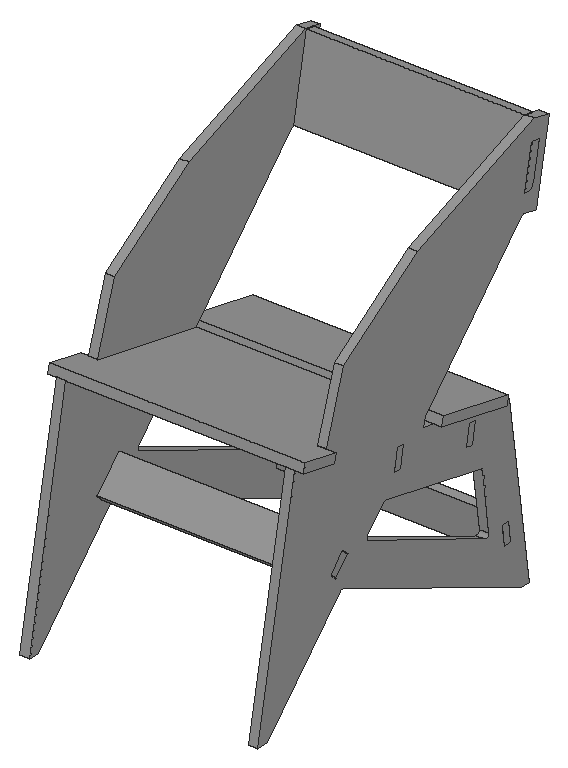
Revit family "216d26f264204e72b41e6d70a2031aba", category Furniture, Revit 2025
Family settings
  OmniClass Number = 23.40.20.14.14.11
  OmniClass Title = Chairs
  Work Plane-Based = No
  Enable Cutting in Views = No
  Always vertical = Yes
  Cut with Voids When Loaded = No
  Render Appearance Source = Family Geometry
  Shared = Yes
  Room Calculation Point = No
Parameters
  Material = Plywood, Finish
  Fusion 360 Link = "http://help.autodesk.com/view/RVT/2019/ENU/?contextId=oonyu_chair"
  Description = "Design by Jeremie Oonyu, African Design Center, 2016.  Permission granted for use under Creative Commons Attribution Only (CC BY)"
  Default Elevation = 0 mm
Reference planes
  plane 1 "Center Front/Back": y = -0.527
  plane 2: z = 0
  plane 3 "Center Left/Right": x = 0
  plane 4 "Left": x = -241.3
  plane 5 "Right": x = 241.3
Forms (mm)
  Extrusion 1, solid, material "Plywood, Finish" <- "Material"
    sketch origin (225, 0, 0.98) x (0, -1, 0) y (0, 0, 1)
      loop
        line (-302.21, 743.759) -> (-319.336, 740.35) -> (-303.529, 660.947) -> (-286.402, 664.356) -> (-302.21, 743.759)
      loop
        line (-49.356, 388.659) -> (-45.984, 371.72) -> (-119.541, 357.076) -> (-121.564, 367.24) -> (-180.409, 355.525) -> (-178.386, 345.361) -> (-248.749, 331.353) -> (-296.225, -0.98) -> (-278.658, -0.98) -> (143.327, 181.276)
        arc (143.327, 181.276) -> (147.106, 181.67) -> (150.433, 179.836) r 6.35
        line (150.433, 179.836) -> (323.427, -0.98) -> (343.427, -0.98) -> (257.213, 432.081) -> (237.598, 428.176) -> (235.574, 438.339) -> (206.152, 432.482) -> (208.175, 422.318) -> (184.533, 417.611) -> (181.161, 434.551) -> (140.93, 557.712) -> (-34.548, 674.332) -> (-309.548, 779.645) -> (-342.373, 773.11) -> (-312.45, 622.805) -> (-283.044, 628.659)
        arc (-283.044, 628.659) -> (-279.894, 628.487) -> (-277.216, 626.821) r 6.35
        line (-277.216, 626.821) -> (-49.356, 388.659)
      loop
        line (-231.523, 124.355) -> (-248.81, 126.825) -> (-254.604, 86.266) -> (-237.317, 83.797) -> (-231.523, 124.355)
      loop
        line (-154.649, 332.243) -> (-171.776, 328.833) -> (-163.778, 288.661) -> (-146.652, 292.07) -> (-154.649, 332.243)
      loop
        line (15.441, 366.105) -> (-1.498, 362.732) -> (6.499, 322.56) -> (23.439, 325.932) -> (15.441, 366.105)
      loop
        line (144.731, 247.22) -> (132.113, 235.148) -> (160.255, 205.734) -> (172.873, 217.806) -> (144.731, 247.22)
      loop
        line (43.322, 287.536) -> (-181.352, 242.808)
        arc (-181.352, 242.808) -> (-184.723, 240.946) -> (-186.398, 237.478) r 6.35
        line (-186.398, 237.478) -> (-202.595, 124.098)
        arc (-202.595, 124.098) -> (-200.165, 118.154) -> (-193.791, 117.37) r 6.35
        line (-193.791, 117.37) -> (83.689, 237.214)
        arc (83.689, 237.214) -> (87.395, 241.783) -> (85.76, 247.434) r 6.35
        line (85.76, 247.434) -> (49.15, 285.698)
        arc (49.15, 285.698) -> (46.472, 287.365) -> (43.322, 287.536) r 6.35
    from 0 to 17.462
  Extrusion 2, solid, material "Plywood, Finish" <- "Material"
    sketch origin (-207.537, 0, 0.98) x (0, -1, 0) y (0, 0, 1)
      loop
        line (-302.21, 743.759) -> (-319.336, 740.35) -> (-303.529, 660.947) -> (-286.402, 664.356) -> (-302.21, 743.759)
      loop
        line (-49.356, 388.659) -> (-45.984, 371.72) -> (-119.541, 357.076) -> (-121.564, 367.24) -> (-180.409, 355.525) -> (-178.386, 345.361) -> (-248.749, 331.353) -> (-296.225, -0.98) -> (-278.658, -0.98) -> (143.327, 181.276)
        arc (143.327, 181.276) -> (147.106, 181.67) -> (150.433, 179.836) r 6.35
        line (150.433, 179.836) -> (323.427, -0.98) -> (343.427, -0.98) -> (257.213, 432.081) -> (237.598, 428.176) -> (235.574, 438.339) -> (206.152, 432.482) -> (208.175, 422.318) -> (184.533, 417.611) -> (181.161, 434.551) -> (140.93, 557.712) -> (-34.548, 674.332) -> (-309.548, 779.645) -> (-342.373, 773.11) -> (-312.45, 622.805) -> (-283.044, 628.659)
        arc (-283.044, 628.659) -> (-279.894, 628.487) -> (-277.216, 626.821) r 6.35
        line (-277.216, 626.821) -> (-49.356, 388.659)
      loop
        line (-231.523, 124.355) -> (-248.81, 126.825) -> (-254.604, 86.266) -> (-237.317, 83.797) -> (-231.523, 124.355)
      loop
        line (-154.649, 332.243) -> (-171.776, 328.833) -> (-163.778, 288.661) -> (-146.652, 292.07) -> (-154.649, 332.243)
      loop
        line (15.441, 366.105) -> (-1.498, 362.732) -> (6.499, 322.56) -> (23.439, 325.932) -> (15.441, 366.105)
      loop
        line (144.731, 247.22) -> (132.113, 235.148) -> (160.255, 205.734) -> (172.873, 217.806) -> (144.731, 247.22)
      loop
        arc (-181.352, 242.808) -> (-184.723, 240.946) -> (-186.398, 237.478) r 6.35
        line (-186.398, 237.478) -> (-202.595, 124.098)
        arc (-202.595, 124.098) -> (-200.165, 118.154) -> (-193.791, 117.37) r 6.35
        line (-193.791, 117.37) -> (83.689, 237.214)
        arc (83.689, 237.214) -> (87.395, 241.783) -> (85.76, 247.434) r 6.35
        line (85.76, 247.434) -> (49.15, 285.698)
        arc (49.15, 285.698) -> (46.472, 287.365) -> (43.322, 287.536) r 6.35
        line (43.322, 287.536) -> (-181.352, 242.808)
    from 0 to 17.462
  Extrusion 3, solid, material "Plywood, Finish" <- "Material"
    sketch origin (0, 165.203, -32.889) x (0, -0.19525, -0.980753) y (1, 0, 0)
      loop
        line (-826.039, 207.537) -> (-826.039, -207.538) -> (-789.412, -207.538) -> (-789.412, -225) -> (-708.451, -225) -> (-708.451, -207.538) -> (-672.785, -207.538) -> (-672.785, 207.537) -> (-708.451, 207.537) -> (-708.451, 225) -> (-789.412, 225) -> (-789.412, 207.537) -> (-826.039, 207.537)
    from 0 to 17.462
  Extrusion 4, solid, material "Plywood, Finish" <- "Material"
    sketch origin (0, 73.122, 367.297) x (0, 0.980753, -0.19525) y (-1, 0, 0)
      loop
        line (-2.479, 241.3) -> (-2.479, -241.3) -> (152.833, -241.3) -> (152.833, 241.3) -> (-2.479, 241.3)
    from 0 to 17.462
  Extrusion 5, solid, material "Plywood, Finish" <- "Material"
    sketch origin (0, 73.122, 367.297) x (0, 0.980753, -0.19525) y (-1, 0, 0)
      loop
        line (-336.626, 241.3) -> (-336.626, -241.3) -> (-262.52, -241.3) -> (-262.52, -207.728) -> (-27.479, -207.728) -> (-27.479, 207.728) -> (-262.52, 207.728) -> (-262.52, 241.3) -> (-336.626, 241.3)
    from 0 to 17.462
  Extrusion 6, solid, material "Plywood, Finish" <- "Material"
    sketch origin (0, -186.924, 178.838) x (0, -0.691306, -0.722563) y (1, 0, 0)
      loop
        line (-96.079, -207.728) -> (-79.287, -207.728) -> (-79.287, -225) -> (-38.579, -225) -> (-38.579, -207.728) -> (-21.079, -207.728) -> (-21.079, 207.728) -> (-38.579, 207.728) -> (-38.579, 225) -> (-79.287, 225) -> (-79.287, 207.728) -> (-96.079, 207.728) -> (-96.079, -207.728)
    from 0 to 17.462
  Extrusion 7, solid, material "Plywood, Finish" <- "Material"
    sketch origin (0, 261.727, 37.39) x (0, 0.141421, -0.989949) y (1, 0, 0)
      loop
        line (-107.863, 207.728) -> (-107.863, -207.728) -> (-91.333, -207.728) -> (-91.333, -225) -> (-50.363, -225) -> (-50.363, -207.728) -> (-32.863, -207.728) -> (-32.863, 207.728) -> (-50.363, 207.728) -> (-50.363, 225) -> (-91.333, 225) -> (-91.333, 207.728) -> (-107.863, 207.728)
    from 0 to 17.462
  Extrusion 8, solid, material "Plywood, Finish" <- "Material"
    sketch origin (0, -68.207, 13.579) x (0, 0.19525, 0.980753) y (1, 0, 0)
      loop
        line (298.544, -207.728) -> (316.044, -207.728) -> (316.044, -225) -> (357.005, -225) -> (357.005, -207.728) -> (373.544, -207.728) -> (373.544, -133.864) -> (383.907, -133.864) -> (383.907, -73.864) -> (373.544, -73.864) -> (373.544, 73.864) -> (383.907, 73.864) -> (383.907, 133.864) -> (373.544, 133.864) -> (373.544, 207.728) -> (357.005, 207.728) -> (357.005, 225) -> (316.044, 225) -> (316.044, 207.728) -> (298.544, 207.728) -> (298.544, -207.728)
    from -17.272 to 0
  Extrusion 9, solid, material "Plywood, Finish" <- "Material"
    sketch origin (0, 102.07, -20.32) x (0, -0.19525, -0.980753) y (1, 0, 0)
      loop
        line (-298.544, -207.728) -> (-298.544, 207.728) -> (-316.044, 207.728) -> (-316.044, 225) -> (-357.005, 225) -> (-357.005, 207.728) -> (-373.544, 207.728) -> (-373.544, 133.864) -> (-383.907, 133.864) -> (-383.907, 73.864) -> (-373.544, 73.864) -> (-373.544, -73.864) -> (-383.907, -73.864) -> (-383.907, -133.864) -> (-373.544, -133.864) -> (-373.544, -207.728) -> (-357.005, -207.728) -> (-357.005, -225) -> (-316.044, -225) -> (-316.044, -207.728) -> (-298.544, -207.728)
    from 0 to 17.462
Cuts and joins
  joined: Extrusion 5, Extrusion 8
Lines and regions (mm)
  Masking region 1
    outline origin (0, 0, 0) x (1, 0, 0) y (0, 1, 0)
      loop
        line (-205.499, 266.742) -> (-205.499, 229.186) -> (205.361, 229.186) -> (205.361, 266.742) -> (-205.499, 266.742)
Dimensions and locks
  cut or joined group of Extrusion 5, Extrusion 8 to cut or joined group of Extrusion 5, Extrusion 8 = 482.6 mm
  Extrusion 2 to Extrusion 2 = 685.8 mm
  equal spacing: Extrusion 2, plane 1 "Center Front/Back", Extrusion 2
  equal spacing: plane 4 "Left", plane 3 "Center Left/Right", plane 5 "Right"
  aligned and locked: level to plane 2
  aligned and locked: Extrusion 2 to Extrusion 3
  aligned and locked: Extrusion 3 to Extrusion 2
Automatic sketch dimensions
  Extrusion 1 sketch curve to level = 0 mm  (x2)
  Extrusion 1 sketch curve to plane 1 "Center Front/Back" = 342.9 mm
  Extrusion 1 sketch curve to Extrusion 1 sketch curve = 23.036 mm
  Extrusion 1 sketch curve to Extrusion 1 sketch curve = 6.887 mm
  Extrusion 1 sketch curve to Extrusion 1 sketch curve = 32.825 mm
  Extrusion 1 sketch curve to Extrusion 1 sketch curve = 8.921 mm
  Extrusion 1 sketch curve to Extrusion 1 sketch curve = 17.126 mm  (x2)
  Extrusion 1 sketch curve to plane 1 "Center Front/Back" = 296.752 mm
  Extrusion 1 sketch curve to Extrusion 1 sketch curve = 29.406 mm
  Extrusion 1 sketch curve to Extrusion 1 sketch curve = 1.24 mm  (x2)
  Extrusion 1 sketch curve to Extrusion 1 sketch curve = 17.567 mm
  Extrusion 1 sketch curve to Extrusion 1 sketch curve = 5.828 mm  (x2)
  Extrusion 1 sketch curve to Extrusion 1 sketch curve = 24.053 mm
  Extrusion 1 sketch curve to Extrusion 1 sketch curve = 5.794 mm
  Extrusion 1 sketch curve to Extrusion 1 sketch curve = 0.061 mm
  level to Extrusion 1 sketch curve = 84.777 mm
  Extrusion 1 sketch curve to Extrusion 1 sketch curve = 17.287 mm
  Extrusion 1 sketch curve to Extrusion 1 sketch curve = 28.928 mm
  Extrusion 1 sketch curve to Extrusion 1 sketch curve = 6.286 mm  (x2)
  Extrusion 1 sketch curve to Extrusion 1 sketch curve = 2.518 mm  (x3)
  Extrusion 1 sketch curve to Extrusion 1 sketch curve = 62.351 mm
  Extrusion 1 sketch curve to Extrusion 1 sketch curve = 5.046 mm
  Extrusion 1 sketch curve to Extrusion 1 sketch curve = 68.34 mm
  Extrusion 1 sketch curve to Extrusion 1 sketch curve = 2.023 mm  (x4)
  Extrusion 1 sketch curve to Extrusion 1 sketch curve = 6.61 mm
  Extrusion 1 sketch curve to Extrusion 1 sketch curve = 7.998 mm
  Extrusion 1 sketch curve to Extrusion 1 sketch curve = 33.085 mm
  Extrusion 1 sketch curve to plane 1 "Center Front/Back" = 49.884 mm
  Extrusion 1 sketch curve to Extrusion 1 sketch curve = 3.372 mm  (x3)
  Extrusion 1 sketch curve to plane 1 "Center Front/Back" = 35.075 mm
  Extrusion 1 sketch curve to plane 1 "Center Front/Back" = 2.026 mm
  plane 1 "Center Front/Back" to Extrusion 1 sketch curve = 5.972 mm
  plane 1 "Center Front/Back" to Extrusion 1 sketch curve = 14.914 mm
  plane 1 "Center Front/Back" to Extrusion 1 sketch curve = 42.795 mm
  Extrusion 1 sketch curve to Extrusion 1 sketch curve = 36.609 mm
  Extrusion 1 sketch curve to Extrusion 1 sketch curve = 4.588 mm  (x2)
  Extrusion 1 sketch curve to Extrusion 1 sketch curve = 46.353 mm
  plane 1 "Center Front/Back" to Extrusion 1 sketch curve = 140.403 mm
  Extrusion 1 sketch curve to Extrusion 1 sketch curve = 11.214 mm
  Extrusion 1 sketch curve to Extrusion 1 sketch curve = 12.618 mm
  Extrusion 1 sketch curve to Extrusion 1 sketch curve = 9.822 mm
  Extrusion 1 sketch curve to Extrusion 1 sketch curve = 40.231 mm
  Extrusion 1 sketch curve to Extrusion 1 sketch curve = 24.991 mm
  Extrusion 1 sketch curve to Extrusion 1 sketch curve = 29.423 mm
  Extrusion 1 sketch curve to Extrusion 1 sketch curve = 19.615 mm
  Extrusion 1 sketch curve to Extrusion 1 sketch curve = 172.994 mm
  Extrusion 1 sketch curve to Extrusion 1 sketch curve = 20 mm
  Extrusion 1 sketch curve to Extrusion 1 sketch curve = 2.47 mm
  Extrusion 1 sketch curve to Extrusion 1 sketch curve = 6.985 mm
  Extrusion 1 sketch curve to Extrusion 1 sketch curve = 5.83 mm  (x2)
  level to Extrusion 1 sketch curve = 176.426 mm
  Extrusion 1 sketch curve to Extrusion 1 sketch curve = 4.39 mm  (x3)
  Extrusion 1 sketch curve to Extrusion 1 sketch curve = 25.898 mm
  Extrusion 1 sketch curve to Extrusion 1 sketch curve = 12.072 mm
  Extrusion 1 sketch curve to Extrusion 1 sketch curve = 113.38 mm
  Extrusion 1 sketch curve to Extrusion 1 sketch curve = 2.066 mm
  Extrusion 1 sketch curve to Extrusion 1 sketch curve = 0.898 mm
  Extrusion 1 sketch curve to Extrusion 1 sketch curve = 38.265 mm
  Extrusion 1 sketch curve to Extrusion 1 sketch curve = 45.853 mm
  Extrusion 1 sketch curve to Extrusion 1 sketch curve = 3.41 mm  (x2)
  Extrusion 1 sketch curve to Extrusion 1 sketch curve = 35.023 mm
  Extrusion 1 sketch curve to Extrusion 1 sketch curve = 2.519 mm
  Extrusion 1 sketch curve to Extrusion 1 sketch curve = 16.527 mm
  Extrusion 1 sketch curve to Extrusion 1 sketch curve = 170.391 mm
  Extrusion 1 sketch curve to Extrusion 1 sketch curve = 123.161 mm
  Extrusion 1 sketch curve to Extrusion 1 sketch curve = 266.906 mm
  Extrusion 1 sketch curve to Extrusion 1 sketch curve = 0.374 mm
  Extrusion 1 sketch curve to Extrusion 1 sketch curve = 32.288 mm
  Extrusion 1 sketch curve to Extrusion 1 sketch curve = 116.62 mm
  Extrusion 2 sketch curve to level = 0 mm  (x2)
  Extrusion 2 sketch curve to plane 1 "Center Front/Back" = 342.9 mm
  Extrusion 2 sketch curve to Extrusion 2 sketch curve = 23.036 mm
  Extrusion 2 sketch curve to Extrusion 2 sketch curve = 6.887 mm
  Extrusion 2 sketch curve to Extrusion 2 sketch curve = 32.825 mm
  Extrusion 2 sketch curve to Extrusion 2 sketch curve = 8.921 mm
  Extrusion 2 sketch curve to Extrusion 2 sketch curve = 17.126 mm  (x2)
  Extrusion 2 sketch curve to plane 1 "Center Front/Back" = 296.752 mm
  Extrusion 2 sketch curve to Extrusion 2 sketch curve = 29.406 mm
  Extrusion 2 sketch curve to Extrusion 2 sketch curve = 1.24 mm  (x2)
  Extrusion 2 sketch curve to Extrusion 2 sketch curve = 17.567 mm
  Extrusion 2 sketch curve to Extrusion 2 sketch curve = 5.828 mm  (x2)
  Extrusion 2 sketch curve to Extrusion 2 sketch curve = 24.053 mm
  Extrusion 2 sketch curve to Extrusion 2 sketch curve = 5.794 mm
  Extrusion 2 sketch curve to Extrusion 2 sketch curve = 0.061 mm
  level to Extrusion 2 sketch curve = 84.777 mm
  Extrusion 2 sketch curve to Extrusion 2 sketch curve = 17.287 mm
  Extrusion 2 sketch curve to Extrusion 2 sketch curve = 28.928 mm
  Extrusion 2 sketch curve to Extrusion 2 sketch curve = 6.286 mm  (x2)
  level to Extrusion 2 sketch curve = 118.35 mm
  Extrusion 2 sketch curve to Extrusion 2 sketch curve = 2.518 mm  (x3)
  Extrusion 2 sketch curve to Extrusion 2 sketch curve = 62.351 mm
  Extrusion 2 sketch curve to Extrusion 2 sketch curve = 5.046 mm
  Extrusion 2 sketch curve to Extrusion 2 sketch curve = 68.34 mm
  Extrusion 2 sketch curve to Extrusion 2 sketch curve = 2.023 mm  (x4)
  Extrusion 2 sketch curve to Extrusion 2 sketch curve = 6.61 mm
  Extrusion 2 sketch curve to Extrusion 2 sketch curve = 7.998 mm
  Extrusion 2 sketch curve to Extrusion 2 sketch curve = 33.085 mm
  Extrusion 2 sketch curve to plane 1 "Center Front/Back" = 49.884 mm
  Extrusion 2 sketch curve to Extrusion 2 sketch curve = 3.372 mm  (x3)
  Extrusion 2 sketch curve to plane 1 "Center Front/Back" = 35.075 mm
  Extrusion 2 sketch curve to plane 1 "Center Front/Back" = 2.026 mm
  plane 1 "Center Front/Back" to Extrusion 2 sketch curve = 5.972 mm
  plane 1 "Center Front/Back" to Extrusion 2 sketch curve = 14.914 mm
  plane 1 "Center Front/Back" to Extrusion 2 sketch curve = 42.795 mm
  Extrusion 2 sketch curve to Extrusion 2 sketch curve = 36.609 mm
  Extrusion 2 sketch curve to Extrusion 2 sketch curve = 4.588 mm  (x2)
  Extrusion 2 sketch curve to Extrusion 2 sketch curve = 46.353 mm
  plane 1 "Center Front/Back" to Extrusion 2 sketch curve = 140.403 mm
  Extrusion 2 sketch curve to Extrusion 2 sketch curve = 11.214 mm
  Extrusion 2 sketch curve to Extrusion 2 sketch curve = 12.618 mm
  Extrusion 2 sketch curve to Extrusion 2 sketch curve = 9.822 mm
  Extrusion 2 sketch curve to Extrusion 2 sketch curve = 40.231 mm
  Extrusion 2 sketch curve to Extrusion 2 sketch curve = 24.991 mm
  Extrusion 2 sketch curve to Extrusion 2 sketch curve = 29.423 mm
  Extrusion 2 sketch curve to Extrusion 2 sketch curve = 19.615 mm
  Extrusion 2 sketch curve to Extrusion 2 sketch curve = 172.994 mm
  Extrusion 2 sketch curve to Extrusion 2 sketch curve = 20 mm
  Extrusion 2 sketch curve to Extrusion 2 sketch curve = 2.47 mm
  Extrusion 2 sketch curve to Extrusion 2 sketch curve = 5.83 mm  (x2)
  level to Extrusion 2 sketch curve = 176.426 mm
  Extrusion 2 sketch curve to Extrusion 2 sketch curve = 4.39 mm  (x3)
  Extrusion 2 sketch curve to Extrusion 2 sketch curve = 25.898 mm
  Extrusion 2 sketch curve to Extrusion 2 sketch curve = 12.072 mm
  Extrusion 2 sketch curve to Extrusion 2 sketch curve = 113.38 mm
  Extrusion 2 sketch curve to Extrusion 2 sketch curve = 2.066 mm
  Extrusion 2 sketch curve to Extrusion 2 sketch curve = 0.898 mm
  Extrusion 2 sketch curve to Extrusion 2 sketch curve = 38.265 mm
  Extrusion 2 sketch curve to Extrusion 2 sketch curve = 45.853 mm
  Extrusion 2 sketch curve to Extrusion 2 sketch curve = 3.41 mm  (x2)
  Extrusion 2 sketch curve to Extrusion 2 sketch curve = 35.023 mm
  Extrusion 2 sketch curve to Extrusion 2 sketch curve = 2.519 mm
  Extrusion 2 sketch curve to Extrusion 2 sketch curve = 16.527 mm
  Extrusion 2 sketch curve to Extrusion 2 sketch curve = 170.391 mm
  Extrusion 2 sketch curve to Extrusion 2 sketch curve = 123.161 mm
  Extrusion 2 sketch curve to Extrusion 2 sketch curve = 266.906 mm
  Extrusion 2 sketch curve to Extrusion 2 sketch curve = 0.374 mm
  Extrusion 2 sketch curve to Extrusion 2 sketch curve = 32.288 mm
  Extrusion 2 sketch curve to Extrusion 2 sketch curve = 116.62 mm
  Extrusion 3 sketch curve to plane 5 "Right" = 33.762 mm  (x2)
  Extrusion 3 sketch curve to Extrusion 3 sketch curve = 36.627 mm  (x2)
  Extrusion 3 sketch curve to plane 5 "Right" = 16.3 mm
  Extrusion 3 sketch curve to Extrusion 3 sketch curve = 80.961 mm  (x2)
  plane 4 "Left" to Extrusion 3 sketch curve = 33.763 mm  (x2)
  Extrusion 3 sketch curve to Extrusion 3 sketch curve = 35.666 mm
  plane 4 "Left" to Extrusion 3 sketch curve = 16.3 mm
  Extrusion 4 sketch curve to plane 5 "Right" = 0 mm
  Extrusion 4 sketch curve to plane 4 "Left" = 0 mm
  Extrusion 4 sketch curve to Extrusion 4 sketch curve = 155.313 mm
  Extrusion 5 sketch curve to plane 4 "Left" = 0 mm
  Extrusion 5 sketch curve to plane 5 "Right" = 0 mm
  Extrusion 5 sketch curve to Extrusion 5 sketch curve = 74.106 mm  (x2)
  Extrusion 5 sketch curve to plane 5 "Right" = 33.572 mm
  Extrusion 5 sketch curve to Extrusion 5 sketch curve = 235.041 mm
  plane 4 "Left" to Extrusion 5 sketch curve = 33.572 mm
  plane 4 "Left" to Extrusion 6 sketch curve = 33.572 mm
  Extrusion 6 sketch curve to Extrusion 6 sketch curve = 16.792 mm  (x2)
  plane 4 "Left" to Extrusion 6 sketch curve = 16.3 mm
  Extrusion 6 sketch curve to Extrusion 6 sketch curve = 40.708 mm  (x2)
  Extrusion 6 sketch curve to Extrusion 6 sketch curve = 17.5 mm
  Extrusion 6 sketch curve to Extrusion 6 sketch curve = 17.272 mm
  Extrusion 6 sketch curve to plane 5 "Right" = 33.572 mm  (x2)
  Extrusion 6 sketch curve to plane 5 "Right" = 16.3 mm
  Extrusion 7 sketch curve to plane 5 "Right" = 33.572 mm
  Extrusion 7 sketch curve to Extrusion 7 sketch curve = 16.53 mm  (x2)
  Extrusion 7 sketch curve to plane 5 "Right" = 16.3 mm
  Extrusion 7 sketch curve to Extrusion 7 sketch curve = 40.97 mm  (x2)
  Extrusion 7 sketch curve to Extrusion 7 sketch curve = 17.5 mm
  plane 4 "Left" to Extrusion 7 sketch curve = 33.572 mm  (x2)
  plane 4 "Left" to Extrusion 7 sketch curve = 16.3 mm
  Extrusion 7 sketch curve to Extrusion 7 sketch curve = 17.272 mm
  plane 4 "Left" to Extrusion 8 sketch curve = 33.572 mm
  Extrusion 8 sketch curve to Extrusion 8 sketch curve = 17.5 mm  (x2)
  Extrusion 8 sketch curve to Extrusion 8 sketch curve = 40.961 mm  (x2)
  Extrusion 8 sketch curve to plane 5 "Right" = 16.3 mm
  Extrusion 8 sketch curve to Extrusion 8 sketch curve = 16.539 mm
  Extrusion 8 sketch curve to Extrusion 8 sketch curve = 0 mm  (x2)
  Extrusion 8 sketch curve to Extrusion 8 sketch curve = 10.363 mm  (x2)
  plane 4 "Left" to Extrusion 8 sketch curve = 16.3 mm
  Extrusion 8 sketch curve to Extrusion 8 sketch curve = 17.272 mm  (x3)
  Extrusion 8 sketch curve to Extrusion 8 sketch curve = 73.864 mm
  Extrusion 8 sketch curve to Extrusion 8 sketch curve = 60 mm  (x2)
  plane 3 "Center Left/Right" to Extrusion 8 sketch curve = 73.864 mm
  plane 3 "Center Left/Right" to Extrusion 9 sketch curve = 73.864 mm
  Extrusion 9 sketch curve to plane 3 "Center Left/Right" = 73.864 mm
  Extrusion 9 sketch curve to Extrusion 9 sketch curve = 0 mm
  Extrusion 9 sketch curve to Extrusion 9 sketch curve = 10.363 mm  (x3)
  Extrusion 9 sketch curve to plane 5 "Right" = 33.572 mm
  Extrusion 9 sketch curve to Extrusion 9 sketch curve = 16.539 mm  (x2)
  Extrusion 9 sketch curve to Extrusion 9 sketch curve = 40.961 mm  (x2)
  Extrusion 9 sketch curve to plane 5 "Right" = 16.3 mm
  Extrusion 9 sketch curve to Extrusion 9 sketch curve = 17.5 mm
  Extrusion 9 sketch curve to Extrusion 9 sketch curve = 60 mm  (x2)
  plane 4 "Left" to Extrusion 9 sketch curve = 33.572 mm  (x2)
  plane 4 "Left" to Extrusion 9 sketch curve = 16.3 mm
  Extrusion 9 sketch curve to Extrusion 9 sketch curve = 17.272 mm
  plane 4 "Left" to Masking region 1 sketch curve = 35.801 mm
  Masking region 1 sketch curve to plane 5 "Right" = 35.939 mm
  Masking region 1 sketch curve to plane 1 "Center Front/Back" = 229.713 mm
  Masking region 1 sketch curve to Masking region 1 sketch curve = 37.556 mm
